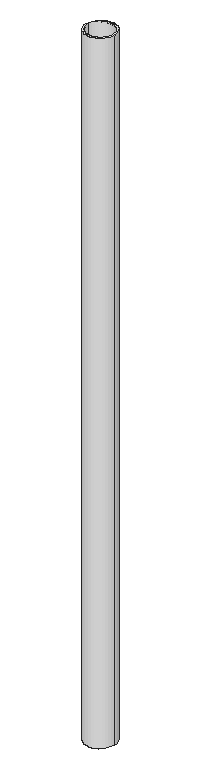
Revit family "M_Tubulação-Coluna", category Pilares estruturais, Revit 2019
Family settings
  Forma do corte = Não definido
  Material para o comportamento do modelo = Aço
  Exportar sempre como geometria = Não
  Redução da viga na planta = Da geometria
  Número OmniClass = 23.25.30.11.14.11
  Título OmniClass = Columns
  ID de item do Seek = Pipe-Column-0000-CAN-ENU
  Corte com vazios quando carregada = Não
  Representação simbólica = Das configurações de projeto
  Compartilhado = Não
  Exibir o pré-corte da família na vista da planta = Sim
Parameters (values of type "PIPE102STD")
  W = 0.158
  Structural Material [instance] = Aço, 45-345
  Assembly Code = ""
  Manômetro = "Padrão"
  ID = 102 mm
  OD = 114 mm
  t = 6 mm
  A = 0.002 m²
Types (2, lengths in mm): name | W | ID | OD | t | A
  PIPE102STD | 0.158 | 102 | 114 | 6 | 0.002 m²
  PIPE152STD | 0.277 | 154 | 168 | 7.1 | 0.0036 m²
Reference planes
  plane 1 "Centro (Frente/Trás)": y = 0
  plane 2: z = 0
  plane 3 "Centro (Esquerda/Direita)": x = 0
  plane 4: x = -57
  plane 5: x = 57
  plane 6: y = 57
  plane 7: y = -57
  plane 8: x = -51
  plane 9: x = 51
Forms (mm)
  Extrusion 1, solid, material "Aço, 45-345" <- "Structural Material", detail levels medium+fine
    sketch origin (0, 0, 0) x (1, 0, 0) y (0, 1, 0)
      loop
        circle (0, 0) r 57
      loop
        circle (0, 0) r 51
    from 0 to 2500
Lines and regions (mm)
  symbolic lines, style "StructuralColumnStickSymbols", detail levels coarse
    curve 1: arc (-57, 0, 0) -> (0, -57, 0) -> (57, 0, 0) r 57
    curve 2: arc (57, 0, 0) -> (0, 57, 0) -> (-57, 0, 0) r 57
Dimensions and locks
  equal spacing: plane 4, plane 3 "Centro (Esquerda/Direita)", plane 5
  equal spacing: plane 7, plane 1 "Centro (Frente/Trás)", plane 6
  "OD": plane 7 to plane 6
  "OD": plane 4 to plane 5
  "t": plane 4 to plane 8
  "t": plane 9 to plane 5
  aligned and locked: level to Extrusion 1
  aligned and locked: level to plane 2
  aligned and locked: Extrusion 1 to plane 2
  aligned and locked: curve 1 to Extrusion 1
Automatic sketch dimensions
  Extrusion 1 sketch curve to plane 1 "Centro (Frente/Trás)" = 0 mm  (x2)
  Extrusion 1 sketch curve to plane 4 = 0 mm
  Extrusion 1 sketch curve to plane 8 = 0 mm
  Extrusion 1 sketch curve to plane 3 "Centro (Esquerda/Direita)" = 0 mm  (x2)
Types in the file's own list only (35): name | W | Manômetro | ID | OD | t | A
  PIPE13STD | 0.0124 | "Padrão" | 16 mm | 21 mm | 3 mm | 0.00 m²
  PIPE19STD | 0.0165 | "Padrão" | 21 mm | 27 mm | 3 mm | 0.00 m²
  PIPE25STD | 0.0245 | "Padrão" | 27 mm | 33 mm | 3 mm | 0.00 m²
  PIPE32STD | 0.0332 | "Padrão" | 35 mm | 42 mm | 4 mm | 0.00 m²
  PIPE38STD | 0.0397 | "Padrão" | 41 mm | 48 mm | 4 mm | 0.00 m²
  PIPE51STD | 0.0534 | "Padrão" | 53 mm | 60 mm | 4 mm | 0.00 m²
  PIPE64STD | 0.0846 | "Padrão" | 63 mm | 73 mm | 5 mm | 0.00 m²
  PIPE75STD | 0.111 | "Padrão" | 78 mm | 89 mm | 6 mm | 0.00 m²
  PIPE89STD | 0.133 | "Padrão" | 90 mm | 102 mm | 6 mm | 0.00 m²
  PIPE127STD | 0.214 | "Padrão" | 128 mm | 141 mm | 7 mm | 0.00 m²
  PIPE203STD | 0.417 | "Padrão" | 203 mm | 219 mm | 8 mm | 0.01 m²
  PIPE254STD | 0.591 | "Padrão" | 255 mm | 273 mm | 9 mm | 0.01 m²
  PIPE310STD | 0.724 | "Padrão" | 305 mm | 324 mm | 10 mm | 0.01 m²
  PIPE13XS | 0.0159 | "X Forte" | 14 mm | 21 mm | 4 mm | 0.00 m²
  PIPE19XS | 0.0215 | "X Forte" | 19 mm | 27 mm | 4 mm | 0.00 m²
  PIPE25XS | 0.0317 | "X Forte" | 24 mm | 33 mm | 5 mm | 0.00 m²
  PIPE32XS | 0.0438 | "X Forte" | 33 mm | 42 mm | 5 mm | 0.00 m²
  PIPE38XS | 0.053 | "X Forte" | 38 mm | 48 mm | 5 mm | 0.00 m²
  PIPE51XS | 0.0734 | "X Forte" | 49 mm | 60 mm | 6 mm | 0.00 m²
  PIPE64XS | 0.112 | "X Forte" | 59 mm | 73 mm | 7 mm | 0.00 m²
  PIPE75XS | 0.15 | "X Forte" | 74 mm | 89 mm | 8 mm | 0.00 m²
  PIPE89XS | 0.183 | "X Forte" | 85 mm | 102 mm | 8 mm | 0.00 m²
  PIPE102XS | 0.219 | "X Forte" | 97 mm | 114 mm | 9 mm | 0.00 m²
  PIPE127XS | 0.304 | "X Forte" | 122 mm | 141 mm | 10 mm | 0.00 m²
  PIPE152XS | 0.417 | "X Forte" | 146 mm | 168 mm | 11 mm | 0.01 m²
  PIPE203XS | 0.634 | "X Forte" | 194 mm | 219 mm | 13 mm | 0.01 m²
  PIPE254XS | 0.8 | "X Forte" | 248 mm | 273 mm | 13 mm | 0.01 m²
  PIPE310XS | 0.956 | "X Forte" | 298 mm | 324 mm | 13 mm | 0.01 m²
  PIPE51XXS | 0.132 | "XX Forte" | 38 mm | 60 mm | 11 mm | 0.00 m²
  PIPE64XXS | 0.2 | "XX Forte" | 45 mm | 73 mm | 14 mm | 0.00 m²
  PIPE75XXS | 0.271 | "XX Forte" | 58 mm | 89 mm | 15 mm | 0.00 m²
  PIPE102XXS | 0.402 | "XX Forte" | 80 mm | 114 mm | 17 mm | 0.01 m²
  PIPE127XXS | 0.563 | "XX Forte" | 103 mm | 141 mm | 19 mm | 0.01 m²
  PIPE152XXS | 0.777 | "XX Forte" | 124 mm | 168 mm | 22 mm | 0.01 m²
  PIPE203XXS | 1.06 | "XX Forte" | 175 mm | 219 mm | 22 mm | 0.01 m²
